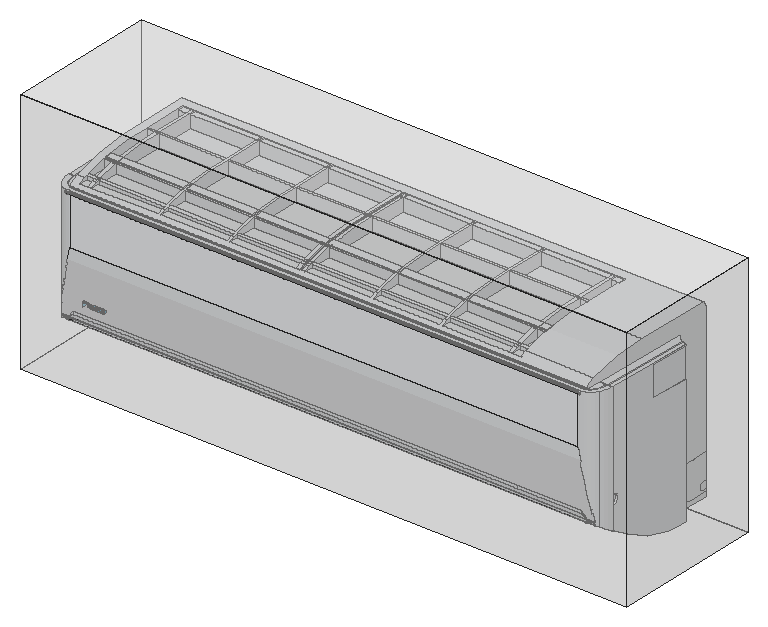
Revit family "outputfile", category 機械設備, Revit 2024
Family settings
  丸型コネクタ寸法 = 半径を使用
  パーツ タイプ = 標準
  OmniClass 番号 = 23.75.10.24.21.27.27
  OmniClass タイトル = Split System Air Conditioning Units
  作業面ベース = いいえ
  常に垂直 = はい
  ロード時にボイドで切り取り = いいえ
  注釈の向きを維持 = いいえ
  共有 = いいえ
  部屋計算ポイント = いいえ
Parameters (values of type "FXAQ50ARVM")
  書き出し IFC クラス(タイプ) = "IfcUnitaryEquipmentType"
  定義済み IFC タイプ(タイプ) = "AIRCONDITIONINGUNIT"
  switch_frequency = yes
  lh_powersupply = 55.0 mm  # constant formula
  製造元 = "Daikin"
  モデル = "FXAQ50ARVM"
  lh_drainpipe = 35.0 mm  # constant formula
  lh_liquidpipe = 40.0 mm  # constant formula
  lh_gaspipe = 20.0 mm  # constant formula
  r_Liquid Pipe Size = Liquid Pipe Size / 2  # 3.2 mm
  r_Gas Pipe Size = Gas Pipe Size / 2  # 6.35 mm
  r_Drain Pipe Size = Drain Pipe Size / 2  # 9.0 mm
  lw_powersupply [instance] = if(or(Left Connection_refrigerant, Right Connection_refrigerant), 464.5 mm, if(or(Bottom Left Connection_refrigerant, Rear Left Connection_refrigerant), 843.0 mm, 58.0 mm))  # 464.5 mm
  lw_liquidpipe [instance] = if(or(Left Connection_refrigerant, Right Connection_refrigerant), 490.0 mm, if(or(Bottom Left Connection_refrigerant, Rear Left Connection_refrigerant), 843.0 mm, 58.0 mm))  # 490.0 mm
  lw_gaspipe [instance] = if(or(Left Connection_refrigerant, Right Connection_refrigerant), 440.0 mm, if(or(Bottom Left Connection_refrigerant, Rear Left Connection_refrigerant), 858.0 mm, 73.0 mm))  # 440.0 mm
  lw_drainpipe [instance] = if(or(Left Connection_refrigerant, Right Connection_refrigerant), 570.0 mm, if(or(Bottom Left Connection_refrigerant, Rear Left Connection_refrigerant), 873.0 mm, 88.0 mm))  # 570.0 mm
  l_powersupply_length [instance] = if(Right Connection_refrigerant, 442.2 mm, if(Left Connection_refrigerant, 442.2 mm, if(or(Rear Left Connection_refrigerant, Rear Right Connection_refrigerant), 15.0 mm, 55.0 mm)))  # 442.2 mm
  l_liquidpipe_length [instance] = if(Left Connection_refrigerant, 416.4 mm, if(Right Connection_refrigerant, 467.4 mm, if(or(Bottom Left Connection_refrigerant, Bottom Right Connection_refrigerant), 40.0 mm, 35.0 mm)))  # 467.4 mm
  l_gaspipe_length [instance] = if(Left Connection_refrigerant, 466.4 mm, if(Right Connection_refrigerant, 417.4 mm, if(or(Bottom Left Connection_refrigerant, Bottom Right Connection_refrigerant), 20.0 mm, 35.0 mm)))  # 417.4 mm
  l_drainpipe_length [instance] = if(Left Connection_refrigerant, 336.7 mm, if(Right Connection_refrigerant, 547.7 mm, if(or(Bottom Left Connection_refrigerant, Bottom Right Connection_refrigerant), 30.0 mm, 15.0 mm)))  # 547.7 mm
  h*** = 0.0 mm  # constant formula
  connector_voltage = Voltage_50Hz  # 220 V
  connector_powerinput = if([Power Input (Cooling)] > [Power Input (Heating)], [Power Input (Cooling)], [Power Input (Heating)])  # 0.032 kW
  connector_phase = Phase_50Hz  # 1
  angle_vertical [instance] = if(or(Bottom Left Connection_refrigerant, Bottom Right Connection_refrigerant), 0.00°, 90.00°)  # 90.00°
  angle_horizontal [instance] = if(Right Connection_refrigerant, 90.00°, if(Left Connection_refrigerant, -90.00°, if(or(Rear Left Connection_refrigerant, Rear Right Connection_refrigerant), 180.00°, 0.00°)))  # 90.00°
  Width = 929.0 mm
  Voltage_comment_60Hz = "220-240"
  Voltage_comment_50Hz = "220-240"
  Voltage_60Hz = 220 V
  Voltage_50Hz = 220 V
  Version = "ver.1.0"
  Unit Type = "Wall Mounted"
  Unit Mass Weight = 13.00 kg
  Unit Designation [instance] = ""
  Uniclass2015Version = "Products v1.30"
  Uniclass2015Title = "Variable refrigerant flow units"
  Uniclass2015Code = "Pr_70_65_03_94"
  Total Heating Capacity [instance] = 0.000 kW
  Total Cooling Capacity [instance] = 0.000 kW
  Sound Pressure Level_L speed (dBA) = 37
  Sound Pressure Level_H speed (dBA) = 42
  Sound Power Level_H speed (dB) = 0
  Series = "VRV Fan Coil Unit"
  Sensible Cooling Capacity [instance] = 0.000 kW
  Refrigerant Type = "R410A"
  Power Input (Heating) = 0.032 kW
  Power Input (Cooling) = 0.027 kW
  Phase_60Hz = 1
  Phase_50Hz = 1
  Option Accessory 3 [instance] = ""
  Option Accessory 2 [instance] = ""
  Option Accessory 1 [instance] = ""
  Nominal Heating Capacity = 6.300 kW
  Nominal Cooling Capacity = 5.600 kW
  Minimum Circuit Amps_60Hz = 0.5 A
  Minimum Circuit Amps_50Hz = 0.5 A
  Minimum Airflow = 720.00 m³/h
  Maximum Fuse Amps_60Hz = 15.0 A
  Maximum Fuse Amps_50Hz = 15.0 A
  Maximum Airflow = 900.00 m³/h
  Material_Casing = DAIKIN_FreshWhite_Casing_indoorunit
  Load Classification = HVAC
  Liquid Pipe Size = 6.4 mm
  Link_Nested Family [instance] = ""
  IfcVersion = ""
  IfcExportType = "AIRCONDITIONINGUNIT"
  IfcExportAs = "IfcUnitaryEquipmentType"
  Height = 298.0 mm
  Heating Entering Wet Bulb Temperature [instance] = 0.00 °C
  Heating Entering Dry Bulb Temperature [instance] = 0.00 °C
  Heating Ambient Wet Bulb Temperature [instance] = 0.00 °C
  Heating Ambient Dry Bulb Temperature [instance] = 0.00 °C
  Heat Exchanger Type = "Cross Fin Coil"
  Gas Pipe Size = 12.7 mm
  Frequency_60Hz = 60 Hz
  Frequency_50Hz = 50 Hz
  Fan Type = "Cross Flow Fan"
  Fan Drive = "Direct Drive"
  FCU Tag No. [instance] = ""
  Drain Pipe Size = 18.0 mm
  Design Supply Airflow [instance] = 0.00 m³/h
  Depth = 258.0 mm
  既定の高さ = 0.0 mm
  Cooling Entering Wet Bulb Temperature [instance] = 0.00 °C
  Cooling Entering Dry Bulb Temperature [instance] = 0.00 °C
  Cooling Ambient Wet Bulb Temperature [instance] = 0.00 °C
  Cooling Ambient Dry Bulb Temperature [instance] = 0.00 °C
  Clearance visibility [instance] = yes
  Clearance Top = 90.0 mm
  Clearance Right = 50.0 mm
  Clearance Rear = 0.0 mm
  Clearance Left = 50.0 mm
  Clearance Front = 0.0 mm
  Clearance Bottom = 30.0 mm
  Bottom Right Connection_refrigerant [instance] = no
  Bottom Left Connection_refrigerant [instance] = no
  Rear Right Connection_refrigerant [instance] = no
  Rear Left Connection_refrigerant [instance] = no
  Right Connection_refrigerant [instance] = yes
  Left Connection_refrigerant [instance] = no
Reference planes
  plane 1 "Back": y = 0
  plane 2: z = 0
  plane 3 "Center (Left/Right)": x = 0
  plane 4 "Center (Front/Back)": y = -119
  plane 5: y = -238
  plane 6 "Left": x = -464.5
  plane 7 "Right": x = 464.5
  plane 8 "Top": z = 0
  plane 9: x = -514.5
  plane 10: x = 514.5
  plane 11: z = 90
  plane 12 "ld_drainpipe": y = -15
  plane 13: z = -284.5
  plane 14: z = -269.5
  plane 15: z = -251
  plane 16 "Clearance Bottom": z = -328
  plane 17: x = -105.5
  plane 18: x = -25.5
  plane 19: x = 24.5
  plane 20: x = 0
  plane 21 "Height": z = -298
  plane 22 "Front": y = -258
  plane 23: y = -35
  plane 24: y = -258
  plane 25: y = 0
Dimensions and locks
  equal spacing: plane 6 "Left", plane 3 "Center (Left/Right)", plane 7 "Right"
  "Width": plane 6 "Left" to plane 7 "Right"
  locked: plane 12 "ld_drainpipe" to plane 1 "Back" at 15
  "Clearance Left": plane 9 to plane 6 "Left"
  "Clearance Right": plane 7 "Right" to plane 10
  "Height": plane 8 "Top" to plane 21 "Height"
  "Depth": plane 22 "Front" to plane 1 "Back"
  locked: plane 23 to plane 1 "Back" at 35
  "lw_powersupply": plane 20 to plane 7 "Right"
  "lw_liquidpipe": plane 18 to plane 7 "Right"
  "lw_drainpipe": plane 17 to plane 7 "Right"
  "lw_gaspipe": plane 19 to plane 7 "Right"
  "Clearance Front": plane 22 "Front" to plane 24
  "Clearance Rear": plane 25 to plane 1 "Back"
  "Clearance Bottom": plane 21 "Height" to plane 16 "Clearance Bottom"
  "Clearance Top": plane 11 to plane 8 "Top"
  aligned and locked: level to plane 2
  aligned and locked: plane 9 to nested 1
  aligned and locked: plane 10 to nested 1
  aligned and locked: plane 11 to nested 1
  aligned and locked: nested 5 to plane 12 "ld_drainpipe"
  aligned and locked: level to plane 8 "Top"
  aligned and locked: plane 16 "Clearance Bottom" to nested 1
  aligned and locked: plane 17 to nested 4
  aligned and locked: plane 18 to nested 3
  aligned and locked: plane 19 to nested 2
  aligned and locked: plane 20 to nested 5
  aligned and locked: nested 2 to plane 23
  aligned and locked: nested 4 to plane 12 "ld_drainpipe"
  aligned and locked: nested 3 to plane 23
  aligned and locked: plane 24 to nested 1
  aligned and locked: nested 1 to plane 25
  aligned and locked: plane 1 "Back" to nested 6
  aligned and locked: plane 3 "Center (Left/Right)" to nested 6
Nested families
  nested 1: "daikin_clearancespace" at (0, -129, -118.881), show <- "Clearance visibility", visible <- "Clearance visibility", Link_Nested Family <- "Link_Nested Family", type "daikin_clearancespace"
    with width 1029.0 mm, show yes, height 418.0 mm, depth 258.0 mm, Link_Nested Family ""
  nested 2: "daikin_connector_rotate3" at (24.5, -35, -278), angle_vertical <- "angle_vertical", angle_horizontal <- "angle_horizontal", length <- "l_gaspipe_length", radius <- "r_Gas Pipe Size", built-in parameter 1001364 <- "lh_gaspipe", type "daikin_connector_rotate3"
    with show no, radius 6.35 mm, length 417.4 mm, angle_vertical 90.00°, angle_horizontal 90.00°
  nested 3: "daikin_connector_rotate3" at (-25.5, -35, -258), angle_vertical <- "angle_vertical", angle_horizontal <- "angle_horizontal", radius <- "r_Liquid Pipe Size", length <- "l_liquidpipe_length", built-in parameter 1001364 <- "lh_liquidpipe", type "daikin_connector_rotate3"
    with show no, radius 3.2 mm, length 467.4 mm, angle_vertical 90.00°, angle_horizontal 90.00°
  nested 4: "daikin_connector_rotate3" at (-105.5, -15, -263), angle_vertical <- "angle_vertical", angle_horizontal <- "angle_horizontal", length <- "l_drainpipe_length", radius <- "r_Drain Pipe Size", built-in parameter 1001364 <- "lh_drainpipe", type "daikin_connector_rotate3"
    with show no, radius 9.0 mm, length 547.7 mm, angle_vertical 90.00°, angle_horizontal 90.00°
  nested 5: "daikin_connector_rotate3" at (0, -15, -243), angle_vertical <- "angle_vertical", angle_horizontal <- "angle_horizontal", length <- "l_powersupply_length", built-in parameter 1001364 <- "lh_powersupply", type "daikin_connector_rotate3"
    with show no, radius 10.0 mm, length 442.2 mm, angle_vertical 90.00°, angle_horizontal 90.00°
  nested 6: "FXAQ-ARVM" at (0, 0, 0), type "FXAQ-ARVM"
Connectors
  electrical at (442.2, -15, -243), driven by "Load Classification", driven by "connector_voltage", driven by "connector_powerinput", driven by "connector_phase"
    settings: on nested 5, index 1, voltage 220 V, apparent load 32 VA, apparent load phase1 0 VA, apparent load phase2 0 VA, apparent load phase3 0 VA, power factor 1, load classification "HVAC", number of poles 1, system type 30, power factor state 1, is connector primary yes, connector utility no, sub classification motor no, connector description "Power Supply"
  piping at (442.2, -15, -263), diameter 18, driven by "r_Drain Pipe Size"
    settings: on nested 4, index 2, connector inside diameter 609.6 mm, connector length 0.0 mm, flow factor 0, pipe flow 0.00 m³/h, pressure drop 0.0 Pa, fitting loss kfactor 0, connector angle 0.00°, fixture units 0, engagement length 0.0 mm, angle of deflection 0.00°, flow configuration 1, flow direction 2, fitting loss method 4, system type 16, joint type 0, gender type 0, connector reference index -1, connector utility 0, adjustable connector no, is connector primary yes, connector description "Condensate Drain Piping"
  piping at (441.9, -35, -278), diameter 12.7, driven by "r_Gas Pipe Size"
    settings: on nested 2, index 3, connector inside diameter 609.6 mm, connector length 0.0 mm, flow factor 0, pipe flow 0.00 m³/h, pressure drop 0.0 Pa, fitting loss kfactor 0, connector angle 0.00°, fixture units 0, engagement length 0.0 mm, angle of deflection 0.00°, flow configuration 1, flow direction 2, fitting loss method 0, system type 29, joint type 0, gender type 0, connector reference index -1, connector utility 0, adjustable connector no, is connector primary no, connector description "Refrigerant Gas Piping"
  piping at (441.9, -35, -258), diameter 6.4, driven by "r_Liquid Pipe Size"
    settings: on nested 3, index 4, connector inside diameter 609.6 mm, connector length 0.0 mm, flow factor 0, pipe flow 0.00 m³/h, pressure drop 0.0 Pa, fitting loss kfactor 0, connector angle 0.00°, fixture units 0, engagement length 0.0 mm, angle of deflection 0.00°, flow configuration 1, flow direction 1, fitting loss method 0, system type 29, joint type 0, gender type 0, connector reference index -1, connector utility 0, adjustable connector no, is connector primary no, connector description "Refrigerant Liquid Piping"
Definition of nested family "daikin_clearancespace"
  Parameters (values of type "daikin_clearancespace")
    Description = "daikin_clearancespace"
    width [instance] = 1823.963 mm
    show [instance] = yes
    material = none
    height [instance] = 1359.762 mm
    depth [instance] = 880.0 mm
    Default Elevation = 0.0 mm
    Link_Nested Family [instance] = ""
  Reference planes
    plane 1 "Center (Front/Back)": y = 0
    plane 2 "Center (Elevation)": z = -0.119
    plane 3 "Center (Left/Right)": x = 0
    plane 4: y = 440
    plane 5: y = -440
    plane 6 "Right": x = 911.982
    plane 7 "Left": x = -911.982
    plane 8 "Top": z = 679.762
    plane 9 "Bottom": z = -680
  Forms (mm)
    Extrusion 1, solid, material <- "material", visible <- "show"
      sketch origin (0, 0, 0) x (1, 0, 0) y (0, 1, 0)
        loop
          line (-911.982, 440) -> (-911.982, -440) -> (911.982, -440) -> (911.982, 440) -> (-911.982, 440)
      from -680 to 679.762
  Lines and regions (mm)
    symbolic lines, visible <- "show"
      curve 1: line (911.982, 440, 0) -> (-911.982, 440, 0)
      curve 2: line (-911.982, 440, 0) -> (-911.982, -440, 0)
      curve 3: line (-911.982, -440, 0) -> (911.982, -440, 0)
      curve 4: line (911.982, -440, 0) -> (911.982, 440, 0)
      curve 5: line (911.982, 0, 679.762) -> (-911.982, 0, 679.762)
      curve 6: line (911.982, 0, -680) -> (911.982, 0, 679.762)
      curve 7: line (-911.982, 0, -680) -> (911.982, 0, -680)
      curve 8: line (-911.982, 0, 679.762) -> (-911.982, 0, -680)
      curve 9: line (0, 440, 679.762) -> (0, -440, 679.762)
      curve 10: line (0, -440, 679.762) -> (0, -440, -680)
      curve 11: line (0, 440, -680) -> (0, 440, 679.762)
      curve 12: line (0, -440, -680) -> (0, 440, -680)
  Dimensions and locks
    "width": plane 7 "Left" to plane 6 "Right"
    "depth": plane 4 to plane 5
    "height": plane 8 "Top" to plane 9 "Bottom"
    equal spacing: plane 7 "Left", plane 3 "Center (Left/Right)", plane 6 "Right"
    equal spacing: plane 4, plane 1 "Center (Front/Back)", plane 5
    equal spacing: plane 8 "Top", plane 2 "Center (Elevation)", plane 9 "Bottom"
    aligned and locked: level to plane 2 "Center (Elevation)"
    aligned and locked: Extrusion 1 sketch curve to plane 4
    aligned and locked: plane 7 "Left" to Extrusion 1 sketch curve
    aligned and locked: Extrusion 1 sketch curve to plane 5
    aligned and locked: Extrusion 1 sketch curve to plane 6 "Right"
    aligned and locked: plane 8 "Top" to Extrusion 1
    aligned and locked: curve 1 to Extrusion 1
    aligned and locked: curve 2 to Extrusion 1
    aligned and locked: curve 3 to Extrusion 1
    aligned and locked: curve 4 to Extrusion 1
    aligned and locked: curve 5 to Extrusion 1
    aligned and locked: curve 6 to Extrusion 1
    aligned and locked: curve 7 to Extrusion 1
    aligned and locked: curve 8 to Extrusion 1
    aligned and locked: curve 9 to Extrusion 1
    aligned and locked: curve 10 to Extrusion 1
    aligned and locked: curve 11 to Extrusion 1
    aligned and locked: curve 12 to Extrusion 1
    aligned and locked: Extrusion 1 to plane 9 "Bottom"
Definition of nested family "FXAQ-ARVM"
  Parameters (values of type "FXAQ-ARVM")
    Width = 929.0 mm
    Material_Casing = none
    Default Elevation = 0.0 mm
  Reference planes
    plane 1 "Center (Front/Back)": y = 0
    plane 2 "reference_level": z = 0
    plane 3 "Center (Left/Right)": x = 0
  Forms (mm)
    Extrusion 1, solid, material <- "Material_Casing"
      sketch origin (37.5, 0, 0) x (1, 0, 0) y (0, 0, 1)
        loop
          circle (357, -249) r 40
        loop
          circle (-428, -250) r 40
      from 0 to 5
    Extrusion 2, solid, material <- "Material_Casing"
      sketch origin (-525, 1296.25, 1200) x (0, 1, 0) y (0, 0, 1)
        loop
          line (-1542.822, -1430.612) -> (-1517.25, -1446.105) -> (-1517.25, -1228.309)
          arc (-1517.25, -1228.309) -> (-1517.546, -1227.599) -> (-1518.259, -1227.309) r 1
          line (-1518.259, -1227.309) -> (-1553.177, -1227.614)
          arc (-1553.177, -1227.614) -> (-1553.593, -1227.787) -> (-1553.771, -1228.201) r 0.6
          line (-1553.771, -1228.201) -> (-1553.814, -1230.3) -> (-1552.816, -1230.309) -> (-1552.852, -1232.291) -> (-1554.25, -1232.303) -> (-1554.25, -1313.777)
          arc (-1554.25, -1313.777) -> (-1551.733, -1369.498) -> (-1544.203, -1424.766) r 618.013
          line (-1544.203, -1424.766) -> (-1543.119, -1425.138) -> (-1542.798, -1426.992) -> (-1543.814, -1426.992) -> (-1543.288, -1429.932)
          arc (-1543.288, -1429.932) -> (-1543.128, -1430.322) -> (-1542.822, -1430.612) r 1
      from 60.5 to 989.5
    Extrusion 3, void
      sketch origin (-525, 1296.25, 1200) x (0, 1, 0) y (0, 0, 1)
        loop
          arc (-1489.957, -1468.485) -> (-1468.343, -1480.342) -> (-1445.644, -1489.96) r 244.307
          arc (-1445.644, -1489.96) -> (-1423.667, -1496.837) -> (-1401.141, -1501.621) r 244.995
          arc (-1401.141, -1501.621) -> (-1397.468, -1502.156) -> (-1393.777, -1502.56) r 104.996
          line (-1393.777, -1502.56) -> (-1391.536, -1481.238)
          arc (-1391.536, -1481.238) -> (-1392.885, -1481.047) -> (-1394.231, -1480.837) r 94.996
          arc (-1394.231, -1480.837) -> (-1415.837, -1476.248) -> (-1436.917, -1469.651) r 234.995
          arc (-1436.917, -1469.651) -> (-1458.423, -1460.555) -> (-1478.917, -1449.363) r 234.307
          line (-1478.917, -1449.363) -> (-1489.957, -1468.485)
      from 129 to 821
    Extrusion 4, void
      sketch origin (-610.615, -1524, -240) x (-1, 0, 0) y (0, -1, 0)
        loop
          line (-317.415, -1501.5) -> (-184.115, -1501.5) -> (-184.115, -1427.5) -> (-317.415, -1427.5) -> (-317.415, -1501.5)
        loop
          line (-434.415, -1501.5) -> (-321.415, -1501.5) -> (-321.415, -1427.5) -> (-434.415, -1427.5) -> (-434.415, -1501.5)
        loop
          line (-557.415, -1501.5) -> (-438.415, -1501.5) -> (-438.415, -1427.5) -> (-557.415, -1427.5) -> (-557.415, -1501.5)
        loop
          line (-678.815, -1501.5) -> (-559.815, -1501.5) -> (-559.815, -1427.5) -> (-678.815, -1427.5) -> (-678.815, -1501.5)
        loop
          line (-795.815, -1501.5) -> (-682.815, -1501.5) -> (-682.815, -1427.5) -> (-795.815, -1427.5) -> (-795.815, -1501.5)
        loop
          line (-933.115, -1501.5) -> (-799.815, -1501.5) -> (-799.815, -1427.5) -> (-933.115, -1427.5) -> (-933.115, -1501.5)
        loop
          line (-317.415, -1423.5) -> (-184.115, -1423.5) -> (-184.115, -1336.5) -> (-317.415, -1336.5) -> (-317.415, -1423.5)
        loop
          line (-434.415, -1423.5) -> (-321.415, -1423.5) -> (-321.415, -1336.5) -> (-434.415, -1336.5) -> (-434.415, -1423.5)
        loop
          line (-557.415, -1423.5) -> (-438.415, -1423.5) -> (-438.415, -1336.5) -> (-557.415, -1336.5) -> (-557.415, -1423.5)
        loop
          line (-678.815, -1423.5) -> (-559.815, -1423.5) -> (-559.815, -1336.5) -> (-678.815, -1336.5) -> (-678.815, -1423.5)
        loop
          line (-795.815, -1423.5) -> (-682.815, -1423.5) -> (-682.815, -1336.5) -> (-795.815, -1336.5) -> (-795.815, -1423.5)
        loop
          line (-933.115, -1423.5) -> (-799.815, -1423.5) -> (-799.815, -1336.5) -> (-933.115, -1336.5) -> (-933.115, -1423.5)
        loop
          line (-317.415, -1332.5) -> (-184.115, -1332.5) -> (-184.115, -1300.5) -> (-317.415, -1300.5) -> (-317.415, -1332.5)
        loop
          line (-434.415, -1332.5) -> (-321.415, -1332.5) -> (-321.415, -1300.5) -> (-434.415, -1300.5) -> (-434.415, -1332.5)
        loop
          line (-557.415, -1332.5) -> (-438.415, -1332.5) -> (-438.415, -1300.5) -> (-557.415, -1300.5) -> (-557.415, -1332.5)
        loop
          line (-678.815, -1332.5) -> (-559.815, -1332.5) -> (-559.815, -1300.5) -> (-678.815, -1300.5) -> (-678.815, -1332.5)
        loop
          line (-795.815, -1332.5) -> (-682.815, -1332.5) -> (-682.815, -1300.5) -> (-795.815, -1300.5) -> (-795.815, -1332.5)
        loop
          line (-933.115, -1332.5) -> (-799.815, -1332.5) -> (-799.815, -1300.5) -> (-933.115, -1300.5) -> (-933.115, -1332.5)
        loop
          line (-317.415, -1296.5) -> (-184.115, -1296.5) -> (-184.115, -1273.985) -> (-317.415, -1273.985) -> (-317.415, -1296.5)
        loop
          line (-434.415, -1296.5) -> (-321.415, -1296.5) -> (-321.415, -1273.985) -> (-434.415, -1273.985) -> (-434.415, -1296.5)
        loop
          line (-557.415, -1296.5) -> (-438.415, -1296.5) -> (-438.415, -1273.985) -> (-557.415, -1273.985) -> (-557.415, -1296.5)
        loop
          line (-678.815, -1296.5) -> (-559.815, -1296.5) -> (-559.815, -1273.985) -> (-678.815, -1273.985) -> (-678.815, -1296.5)
        loop
          line (-795.815, -1296.5) -> (-682.815, -1296.5) -> (-682.815, -1273.985) -> (-795.815, -1273.985) -> (-795.815, -1296.5)
        loop
          line (-933.115, -1296.5) -> (-799.815, -1296.5) -> (-799.815, -1273.985) -> (-933.115, -1273.985) -> (-933.115, -1296.5)
      from 218.718 to 250
    Extrusion 5, solid, material <- "Material_Casing"
      sketch origin (31, 0, 0) x (0, 1, 0) y (0, 0, 1)
        loop
          arc (-133, 0) -> (-183.089, -4.257) -> (-231.74, -16.907) r 296.792
          arc (-231.74, -16.907) -> (-240.035, -20.716) -> (-247.498, -25.97) r 50
          line (-247.498, -25.97) -> (-247.498, -27.531) -> (-221, -27.3) -> (-221, -28.237) -> (-220, -28.237) -> (-220, -245.585)
          arc (-220, -245.585) -> (-219.743, -246.566) -> (-219.036, -247.295) r 2
          line (-219.036, -247.295) -> (-215.453, -249.466) -> (-189.599, -265.136)
          arc (-189.599, -265.136) -> (-169.128, -276.22) -> (-147.677, -285.263) r 239.307
          arc (-147.677, -285.263) -> (-126.149, -292) -> (-104.083, -296.687) r 239.995
          arc (-104.083, -296.687) -> (-96.033, -297.671) -> (-87.93, -298) r 99.996
          line (-87.93, -298) -> (0, -298) -> (0, -8.5) -> (-5, 0) -> (-133, 0)
      from -495.5 to 433.5
    Extrusion 6, void
      sketch origin (0, 0, 0) x (1, 0, 0) y (0, 1, 0)
        loop
          arc (-464.5, -69.996) -> (-451.865, -64.288) -> (-441.567, -55.003) r 45.003
          line (-441.567, -55.003) -> (-442.5, 0) -> (-464.5, 0) -> (-464.5, -69.996)
        loop
          line (464.5, -69.996) -> (464.5, 0) -> (442.5, 0) -> (441.567, -55.003)
          arc (441.567, -55.003) -> (451.865, -64.288) -> (464.5, -69.996) r 45.003
      from -350.147 to 42.558
    Extrusion 7, solid, material <- "Material_Casing"
      sketch origin (464.482, 1296.064, 1192) x (-0.016958, -0.999856, 0) y (0, 0, 1)
        loop
          line (1326.25, -1422) -> (1296.25, -1422) -> (1296.25, -1465) -> (1302.753, -1465)
          spline (1302.753, -1465) -> (1304.435, -1465.221) -> (1306.003, -1465.871) -> (1307.349, -1466.904) -> (1308.382, -1468.25) -> (1309.031, -1469.818) -> (1309.252, -1471.5) -> (1309.031, -1473.182) -> (1308.382, -1474.75) -> (1307.349, -1476.096) -> (1306.003, -1477.129) -> (1304.435, -1477.779) -> (1302.753, -1478)
          line (1302.753, -1478) -> (1296.25, -1478) -> (1296.25, -1482) -> (1326.25, -1482)
          arc (1326.25, -1482) -> (1340.393, -1476.142) -> (1346.25, -1462) r 20
          line (1346.25, -1462) -> (1346.25, -1442)
          arc (1346.25, -1442) -> (1340.393, -1427.858) -> (1326.25, -1422) r 20
      from 0 to 5
    Extrusion 8, solid, material <- "Material_Casing"
      sketch origin (-464.482, 1296.064, 1192) x (-0.016958, 0.999856, 0) y (0, 0, 1)
        loop
          line (-1296.25, -1422) -> (-1326.25, -1422)
          arc (-1326.25, -1422) -> (-1340.393, -1427.858) -> (-1346.25, -1442) r 20
          line (-1346.25, -1442) -> (-1346.25, -1462)
          arc (-1346.25, -1462) -> (-1340.393, -1476.142) -> (-1326.25, -1482) r 20
          line (-1326.25, -1482) -> (-1296.25, -1482) -> (-1296.25, -1478) -> (-1302.753, -1478)
          spline (-1302.753, -1478) -> (-1304.435, -1477.779) -> (-1306.003, -1477.129) -> (-1307.349, -1476.096) -> (-1308.382, -1474.75) -> (-1309.031, -1473.182) -> (-1309.252, -1471.5) -> (-1309.031, -1469.818) -> (-1308.382, -1468.25) -> (-1307.349, -1466.904) -> (-1306.003, -1465.871) -> (-1304.435, -1465.221) -> (-1302.753, -1465)
          line (-1302.753, -1465) -> (-1296.25, -1465) -> (-1296.25, -1422)
      from 0 to 5
    Extrusion 9, void
      sketch origin (0, 0, 0) x (1, 0, 0) y (0, 1, 0)
        loop
          arc (451.583, -220.532) -> (450.652, -229.688) -> (447.774, -238.43) r 42.574
          arc (447.774, -238.43) -> (440.881, -246.096) -> (430.995, -249.015) r 18.939
          line (430.995, -249.015) -> (322.5, -249.015) -> (-430.995, -249.015)
          arc (-430.995, -249.015) -> (-440.881, -246.096) -> (-447.774, -238.43) r 18.939
          arc (-447.774, -238.43) -> (-450.652, -229.688) -> (-451.583, -220.532) r 42.574
          line (-451.583, -220.532) -> (-455.638, -65.672)
          arc (-455.638, -65.672) -> (-456.13, -65.926) -> (-456.626, -66.174) r 45.003
          line (-456.626, -66.174) -> (-452.526, -222.254)
          arc (-452.526, -222.254) -> (-451.441, -230.753) -> (-448.676, -238.863) r 42.58
          arc (-448.676, -238.863) -> (-441.392, -246.902) -> (-431, -250.015) r 20.209
          line (-431, -250.015) -> (431, -250.015)
          arc (431, -250.015) -> (441.392, -246.902) -> (448.676, -238.863) r 20.209
          arc (448.676, -238.863) -> (451.441, -230.753) -> (452.539, -222.254) r 42.58
          line (452.539, -222.254) -> (456.626, -66.151)
          arc (456.626, -66.151) -> (456.131, -65.903) -> (455.639, -65.649) r 45.003
          line (455.639, -65.649) -> (451.583, -220.532)
      from -514.227 to 32.749
    Extrusion 10, void
      sketch origin (0, 0, 0) x (1, 0, 0) y (0, 1, 0)
        loop
          arc (-430.764, -258.014) -> (-445.174, -254.026) -> (-455.485, -243.197) r 28.031
          arc (-455.485, -243.197) -> (-459.127, -232.113) -> (-460.561, -220.535) r 60.175
          line (-460.561, -220.535) -> (-464.5, -69.996) -> (-499.5, -69.996) -> (-499.5, -354.996) -> (499.5, -354.996) -> (499.5, -69.996) -> (464.5, -69.996) -> (460.598, -220.541)
          arc (460.598, -220.541) -> (459.601, -231.543) -> (456.08, -242.014) r 47.329
          arc (456.08, -242.014) -> (445.774, -253.677) -> (430.826, -258.014) r 27.93
          line (430.826, -258.014) -> (-430.764, -258.014)
      from -1033.399 to 0
    Extrusion 11, void
      sketch origin (0, 0, 0) x (1, 0, 0) y (0, 1, 0)
        loop
          arc (-455.485, -243.197) -> (-459.291, -232.263) -> (-460.562, -220.754) r 51.556
          line (-460.562, -220.754) -> (-492.49, -141.73) -> (-492.49, -316.73) -> (492.49, -316.73) -> (492.49, -141.73) -> (460.599, -220.663)
          arc (460.599, -220.663) -> (459.482, -231.58) -> (456.08, -242.014) r 51.576
          arc (456.08, -242.014) -> (445.844, -253.621) -> (431, -258) r 27.939
          line (431, -258) -> (-431, -258)
          arc (-431, -258) -> (-445.281, -253.971) -> (-455.485, -243.197) r 27.939
      from -354.312 to 0
    Extrusion 12, void
      sketch origin (0, 0, 0) x (1, 0, 0) y (0, 1, 0)
        loop
          line (435.004, -431) -> (510.5, -431) -> (510.5, 78.522) -> (443.898, 78.522) -> (435.004, -431)
      from -28.941 to 250
    Extrusion 13, void
      sketch origin (0, 0, 0) x (1, 0, 0) y (0, 1, 0)
        loop
          line (-438.024, -258) -> (-442.527, 0) -> (-469.5, 0) -> (-469.5, -258) -> (-438.024, -258)
      from -27.788 to 250
    Extrusion 14, solid, material <- "Material_Casing"
      sketch origin (31, 0, 0) x (0, 1, 0) y (0, 0, 1)
        loop
          arc (-175.5, -3.059) -> (-181.51, -3.991) -> (-187.5, -5.047) r 296.792
          line (-187.5, -5.047) -> (-187.5, -28.237) -> (-175.5, -28.237) -> (-175.5, -3.059)
        loop
          line (-33.5, 0) -> (-33.5, -28.237) -> (-22.5, -28.237) -> (-22.5, 0) -> (-33.5, 0)
      from -457.5 to -324.2
    Extrusion 15, solid, material <- "Material_Casing"
      sketch origin (384, 0, 0) x (0, 1, 0) y (0, 0, 1)
        loop
          arc (-175.5, -3.059) -> (-181.51, -3.991) -> (-187.5, -5.047) r 296.792
          line (-187.5, -5.047) -> (-187.5, -28.237) -> (-175.5, -28.237) -> (-175.5, -3.059)
        loop
          line (-33.5, 0) -> (-33.5, -28.237) -> (-22.5, -28.237) -> (-22.5, 0) -> (-33.5, 0)
      from -556.2 to -437.2
    Extrusion 16, solid, material <- "Material_Casing"
      sketch origin (392.4, 0, 0) x (0, 1, 0) y (0, 0, 1)
        loop
          arc (-175.5, -3.059) -> (-181.51, -3.991) -> (-187.5, -5.047) r 296.792
          line (-187.5, -5.047) -> (-187.5, -28.237) -> (-175.5, -28.237) -> (-175.5, -3.059)
        loop
          line (-33.5, 0) -> (-33.5, -28.237) -> (-22.5, -28.237) -> (-22.5, 0) -> (-33.5, 0)
      from -443.2 to -324.2
    Extrusion 17, solid, material <- "Material_Casing"
      sketch origin (745.4, 0, 0) x (0, 1, 0) y (0, 0, 1)
        loop
          arc (-175.5, -3.059) -> (-181.51, -3.991) -> (-187.5, -5.047) r 296.792
          line (-187.5, -5.047) -> (-187.5, -28.237) -> (-175.5, -28.237) -> (-175.5, -3.059)
        loop
          line (-33.5, 0) -> (-33.5, -28.237) -> (-22.5, -28.237) -> (-22.5, 0) -> (-33.5, 0)
      from -556.2 to -422.9
    Extrusion 18, solid, material <- "Material_Casing"
      sketch origin (628.4, 0, 0) x (0, 1, 0) y (0, 0, 1)
        loop
          arc (-175.5, -3.059) -> (-181.51, -3.991) -> (-187.5, -5.047) r 296.792
          line (-187.5, -5.047) -> (-187.5, -28.237) -> (-175.5, -28.237) -> (-175.5, -3.059)
        loop
          line (-33.5, 0) -> (-33.5, -28.237) -> (-22.5, -28.237) -> (-22.5, 0) -> (-33.5, 0)
      from -556.2 to -443.2
    Extrusion 19, solid, material <- "Material_Casing"
      sketch origin (267, 0, 0) x (0, 1, 0) y (0, 0, 1)
        loop
          arc (-175.5, -3.059) -> (-181.51, -3.991) -> (-187.5, -5.047) r 296.792
          line (-187.5, -5.047) -> (-187.5, -28.237) -> (-175.5, -28.237) -> (-175.5, -3.059)
        loop
          line (-33.5, 0) -> (-33.5, -28.237) -> (-22.5, -28.237) -> (-22.5, 0) -> (-33.5, 0)
      from -556.2 to -443.2
    Extrusion 20, solid, material <- "Material_Casing"
      sketch origin (31, 0, 0) x (0, 1, 0) y (0, 0, 1)
        loop
          line (-22.5, 0) -> (-96.5, 0) -> (-96.5, -27.3) -> (-22.5, -27.3) -> (-22.5, 0)
        loop
          spline (-133.001, 0) -> (-137.568, -0.035) -> (-142.135, -0.141) -> (-146.699, -0.316) -> (-151.259, -0.562) -> (-155.816, -0.878) -> (-160.367, -1.264) -> (-164.912, -1.721) -> (-169.449, -2.247) -> (-173.977, -2.842) -> (-178.496, -3.508) -> (-183.004, -4.243) -> (-187.5, -5.047)
          line (-187.5, -5.047) -> (-187.5, -27.3) -> (-100.5, -27.3) -> (-100.5, 0) -> (-133.001, 0)
        loop
          line (-223.5, -14.134) -> (-223.5, -27.3) -> (-191.5, -27.3) -> (-191.5, -5.822)
          spline (-191.5, -5.822) -> (-194.2, -6.378) -> (-196.895, -6.959) -> (-199.584, -7.565) -> (-202.267, -8.196) -> (-204.945, -8.852) -> (-207.616, -9.532) -> (-210.281, -10.238) -> (-212.939, -10.968) -> (-215.59, -11.723) -> (-218.234, -12.502) -> (-220.871, -13.306) -> (-223.5, -14.134)
        loop
          spline (-227.5, -15.446) -> (-227.854, -15.565) -> (-228.208, -15.685) -> (-228.562, -15.805) -> (-228.916, -15.926) -> (-229.269, -16.047) -> (-229.623, -16.168) -> (-229.976, -16.29) -> (-230.329, -16.412) -> (-230.682, -16.535) -> (-231.035, -16.658) -> (-231.387, -16.782) -> (-231.74, -16.906)
          arc (-231.74, -16.906) -> (-236.479, -18.856) -> (-240.994, -21.282) r 50
          line (-240.994, -21.282) -> (-227.5, -21.282) -> (-227.5, -15.446)
      from -443.2 to -437.2
    Extrusion 21, solid, material <- "Material_Casing"
      sketch origin (384, 0, 0) x (0, 1, 0) y (0, 0, 1)
        loop
          line (-22.5, 0) -> (-96.5, 0) -> (-96.5, -27.3) -> (-22.5, -27.3) -> (-22.5, 0)
        loop
          spline (-133.001, 0) -> (-137.568, -0.035) -> (-142.135, -0.141) -> (-146.699, -0.316) -> (-151.259, -0.562) -> (-155.816, -0.878) -> (-160.367, -1.264) -> (-164.912, -1.721) -> (-169.449, -2.247) -> (-173.977, -2.842) -> (-178.496, -3.508) -> (-183.004, -4.243) -> (-187.5, -5.047)
          line (-187.5, -5.047) -> (-187.5, -27.3) -> (-100.5, -27.3) -> (-100.5, 0) -> (-133.001, 0)
        loop
          line (-223.5, -14.134) -> (-223.5, -27.3) -> (-191.5, -27.3) -> (-191.5, -5.822)
          spline (-191.5, -5.822) -> (-194.2, -6.378) -> (-196.895, -6.959) -> (-199.584, -7.565) -> (-202.267, -8.196) -> (-204.945, -8.852) -> (-207.616, -9.532) -> (-210.281, -10.238) -> (-212.939, -10.968) -> (-215.59, -11.723) -> (-218.234, -12.502) -> (-220.871, -13.306) -> (-223.5, -14.134)
        loop
          spline (-227.5, -15.446) -> (-227.854, -15.565) -> (-228.208, -15.685) -> (-228.562, -15.805) -> (-228.916, -15.926) -> (-229.269, -16.047) -> (-229.623, -16.168) -> (-229.976, -16.29) -> (-230.329, -16.412) -> (-230.682, -16.535) -> (-231.035, -16.658) -> (-231.387, -16.782) -> (-231.74, -16.906)
          arc (-231.74, -16.906) -> (-236.479, -18.856) -> (-240.994, -21.282) r 50
          line (-240.994, -21.282) -> (-227.5, -21.282) -> (-227.5, -15.446)
      from -443.2 to -437.2
    Extrusion 22, solid, material <- "Material_Casing"
      sketch origin (392.4, 0, 0) x (0, 1, 0) y (0, 0, 1)
        loop
          line (-22.5, 0) -> (-96.5, 0) -> (-96.5, -27.3) -> (-22.5, -27.3) -> (-22.5, 0)
        loop
          spline (-133.001, 0) -> (-137.568, -0.035) -> (-142.135, -0.141) -> (-146.699, -0.316) -> (-151.259, -0.562) -> (-155.816, -0.878) -> (-160.367, -1.264) -> (-164.912, -1.721) -> (-169.449, -2.247) -> (-173.977, -2.842) -> (-178.496, -3.508) -> (-183.004, -4.243) -> (-187.5, -5.047)
          line (-187.5, -5.047) -> (-187.5, -27.3) -> (-100.5, -27.3) -> (-100.5, 0) -> (-133.001, 0)
        loop
          line (-223.5, -14.134) -> (-223.5, -27.3) -> (-191.5, -27.3) -> (-191.5, -5.822)
          spline (-191.5, -5.822) -> (-194.2, -6.378) -> (-196.895, -6.959) -> (-199.584, -7.565) -> (-202.267, -8.196) -> (-204.945, -8.852) -> (-207.616, -9.532) -> (-210.281, -10.238) -> (-212.939, -10.968) -> (-215.59, -11.723) -> (-218.234, -12.502) -> (-220.871, -13.306) -> (-223.5, -14.134)
        loop
          spline (-227.5, -15.446) -> (-227.854, -15.565) -> (-228.208, -15.685) -> (-228.562, -15.805) -> (-228.916, -15.926) -> (-229.269, -16.047) -> (-229.623, -16.168) -> (-229.976, -16.29) -> (-230.329, -16.412) -> (-230.682, -16.535) -> (-231.035, -16.658) -> (-231.387, -16.782) -> (-231.74, -16.906)
          arc (-231.74, -16.906) -> (-236.479, -18.856) -> (-240.994, -21.282) r 50
          line (-240.994, -21.282) -> (-227.5, -21.282) -> (-227.5, -15.446)
      from -443.2 to -437.2
    Extrusion 23, solid, material <- "Material_Casing"
      sketch origin (745.4, 0, 0) x (0, 1, 0) y (0, 0, 1)
        loop
          line (-22.5, 0) -> (-96.5, 0) -> (-96.5, -27.3) -> (-22.5, -27.3) -> (-22.5, 0)
        loop
          spline (-133.001, 0) -> (-137.568, -0.035) -> (-142.135, -0.141) -> (-146.699, -0.316) -> (-151.259, -0.562) -> (-155.816, -0.878) -> (-160.367, -1.264) -> (-164.912, -1.721) -> (-169.449, -2.247) -> (-173.977, -2.842) -> (-178.496, -3.508) -> (-183.004, -4.243) -> (-187.5, -5.047)
          line (-187.5, -5.047) -> (-187.5, -27.3) -> (-100.5, -27.3) -> (-100.5, 0) -> (-133.001, 0)
        loop
          line (-223.5, -14.134) -> (-223.5, -27.3) -> (-191.5, -27.3) -> (-191.5, -5.822)
          spline (-191.5, -5.822) -> (-194.2, -6.378) -> (-196.895, -6.959) -> (-199.584, -7.565) -> (-202.267, -8.196) -> (-204.945, -8.852) -> (-207.616, -9.532) -> (-210.281, -10.238) -> (-212.939, -10.968) -> (-215.59, -11.723) -> (-218.234, -12.502) -> (-220.871, -13.306) -> (-223.5, -14.134)
        loop
          spline (-227.5, -15.446) -> (-227.854, -15.565) -> (-228.208, -15.685) -> (-228.562, -15.805) -> (-228.916, -15.926) -> (-229.269, -16.047) -> (-229.623, -16.168) -> (-229.976, -16.29) -> (-230.329, -16.412) -> (-230.682, -16.535) -> (-231.035, -16.658) -> (-231.387, -16.782) -> (-231.74, -16.906)
          arc (-231.74, -16.906) -> (-236.479, -18.856) -> (-240.994, -21.282) r 50
          line (-240.994, -21.282) -> (-227.5, -21.282) -> (-227.5, -15.446)
      from -443.2 to -437.2
    Extrusion 24, solid, material <- "Material_Casing"
      sketch origin (-525, 1301.456, 1185.983) x (0, 1, 0) y (0, 0, 1)
        loop
          line (-1490.365, -1448.375) -> (-1491.955, -1450.92)
          arc (-1491.955, -1450.92) -> (-1471.02, -1462.298) -> (-1449.069, -1471.566) r 242.307
          arc (-1449.069, -1471.566) -> (-1427.272, -1478.388) -> (-1404.93, -1483.133) r 242.995
          arc (-1404.93, -1483.133) -> (-1402.218, -1483.539) -> (-1399.497, -1483.874) r 102.996
          line (-1399.497, -1483.874) -> (-1399.183, -1480.89)
          arc (-1399.183, -1480.89) -> (-1401.819, -1480.566) -> (-1404.446, -1480.172) r 99.996
          arc (-1404.446, -1480.172) -> (-1426.511, -1475.486) -> (-1448.04, -1468.748) r 239.995
          arc (-1448.04, -1468.748) -> (-1469.704, -1459.603) -> (-1490.365, -1448.375) r 239.307
      from 135 to 817
    Extrusion 25, solid, material <- "Material_Casing"
      sketch origin (-525, 1301.456, 1185.983) x (0, 1, 0) y (0, 0, 1)
        loop
          line (-1490.365, -1448.375) -> (-1491.955, -1450.92)
          arc (-1491.955, -1450.92) -> (-1471.02, -1462.298) -> (-1449.069, -1471.566) r 242.307
          arc (-1449.069, -1471.566) -> (-1427.272, -1478.388) -> (-1404.93, -1483.133) r 242.995
          arc (-1404.93, -1483.133) -> (-1402.218, -1483.539) -> (-1399.497, -1483.874) r 102.996
          line (-1399.497, -1483.874) -> (-1399.183, -1480.89)
          arc (-1399.183, -1480.89) -> (-1401.819, -1480.566) -> (-1404.446, -1480.172) r 99.996
          arc (-1404.446, -1480.172) -> (-1426.511, -1475.486) -> (-1448.04, -1468.748) r 239.995
          arc (-1448.04, -1468.748) -> (-1469.704, -1459.603) -> (-1490.365, -1448.375) r 239.307
      from 129 to 133
    Extrusion 26, solid, material <- "Material_Casing"
      sketch origin (163, 1301.456, 1185.983) x (0, 1, 0) y (0, 0, 1)
        loop
          line (-1490.365, -1448.375) -> (-1491.955, -1450.92)
          arc (-1491.955, -1450.92) -> (-1471.02, -1462.298) -> (-1449.069, -1471.566) r 242.307
          arc (-1449.069, -1471.566) -> (-1427.272, -1478.388) -> (-1404.93, -1483.133) r 242.995
          arc (-1404.93, -1483.133) -> (-1402.218, -1483.539) -> (-1399.497, -1483.874) r 102.996
          line (-1399.497, -1483.874) -> (-1399.183, -1480.89)
          arc (-1399.183, -1480.89) -> (-1401.819, -1480.566) -> (-1404.446, -1480.172) r 99.996
          arc (-1404.446, -1480.172) -> (-1426.511, -1475.486) -> (-1448.04, -1468.748) r 239.995
          arc (-1448.04, -1468.748) -> (-1469.704, -1459.603) -> (-1490.365, -1448.375) r 239.307
      from 129 to 133
    Extrusion 27, void
      sketch origin (0, 0, 0) x (1, 0, 0) y (0, 1, 0)
        loop
          line (-442.5, 0) -> (442.5, 0) -> (442.5, 1.095) -> (-442.5, 1.095) -> (-442.5, 0)
      from -298 to 0
    Extrusion 28, void
      sketch origin (31, 0, 0) x (0, 1, 0) y (0, 0, 1)
        loop
          arc (-220, -211.038) -> (-209.824, -200.843) -> (-220, -190.648) r 10.195
          line (-220, -190.648) -> (-220, -211.038)
      from 425 to 433.5
    Extrusion 29, void
      sketch origin (-31, 0, 0) x (0, 1, 0) y (0, 0, -1)
        loop
          line (-220, 211.038) -> (-220, 190.648)
          arc (-220, 190.648) -> (-209.824, 200.843) -> (-220, 211.038) r 10.195
      from 425 to 433.5
    Extrusion 30, void
      sketch origin (31, 0, 0) x (0, 1, 0) y (0, 0, 1)
        loop
          line (-136.859, -29.798) -> (-136.859, -81.374) -> (-67.205, -81.374) -> (-67.205, -29.798) -> (-136.859, -29.798)
      from 431.5 to 433.5
    Extrusion 31, void
      sketch origin (163, 1301.519, 1186.578) x (0, 1, 0) y (0, 0, 1)
        loop
          line (-1399.559, -1484.469) -> (-1399.455, -1483.475)
          arc (-1399.455, -1483.475) -> (-1402.503, -1483.119) -> (-1405.54, -1482.669) r 99.996
          arc (-1405.54, -1482.669) -> (-1427.605, -1477.983) -> (-1449.134, -1471.246) r 239.995
          arc (-1449.134, -1471.246) -> (-1470.858, -1462.071) -> (-1491.573, -1450.803) r 239.307
          line (-1491.573, -1450.803) -> (-1492.103, -1451.651)
          arc (-1492.103, -1451.651) -> (-1471.297, -1462.97) -> (-1449.477, -1472.185) r 240.307
          arc (-1449.477, -1472.185) -> (-1427.859, -1478.95) -> (-1405.701, -1483.656) r 240.995
          arc (-1405.701, -1483.656) -> (-1402.636, -1484.11) -> (-1399.559, -1484.469) r 100.996
      from 134 to 232
    Extrusion 32, solid, material <- "Material_Casing"
      sketch origin (-536.115, -1524, -248) x (-1, 0, 0) y (0, -1, 0)
        loop
          line (-115.615, -1524) -> (-115.615, -1494)
          arc (-115.615, -1494) -> (-121.473, -1479.858) -> (-135.615, -1474) r 20
          line (-135.615, -1474) -> (-155.615, -1474)
          arc (-155.615, -1474) -> (-169.757, -1479.858) -> (-175.615, -1494) r 20
          line (-175.615, -1494) -> (-175.615, -1524) -> (-115.615, -1524)
      from -45 to -50
    Extrusion 33, solid, material <- "Material_Casing"
      sketch origin (-4079.827, 1903.48, -248) x (-1, 0, 0) y (0, -1, 0)
        loop
          line (-4444.327, 1903.48) -> (-4444.327, 1933.48)
          arc (-4444.327, 1933.48) -> (-4450.185, 1947.622) -> (-4464.327, 1953.48) r 20
          line (-4464.327, 1953.48) -> (-4484.327, 1953.48)
          arc (-4484.327, 1953.48) -> (-4498.469, 1947.622) -> (-4504.327, 1933.48) r 20
          line (-4504.327, 1933.48) -> (-4504.327, 1903.48) -> (-4444.327, 1903.48)
      from -50 to -45
  Cuts and joins
    Extrusion 3, Extrusion 4, Extrusion 6, Extrusion 9, Extrusion 10, Extrusion 12, Extrusion 13, Extrusion 28, Extrusion 29, Extrusion 30, Extrusion 31 cuts Extrusion 5
    Extrusion 9, Extrusion 11 cuts Extrusion 2
    Extrusion 27 cuts Extrusion 7
    Extrusion 27 cuts Extrusion 8
  Dimensions and locks
    locked: Extrusion 7 sketch curve to Extrusion 7 sketch curve at 60
    locked: Extrusion 7 sketch curve to Extrusion 7 sketch curve at 50
    locked: Extrusion 1 sketch curve to cut or joined group 1 (Extrusion 3, Extrusion 4, Extrusion 5, Extrusion 6, Extrusion 9, Extrusion 10, Extrusion 12, Extrusion 13, Extrusion 28, Extrusion 29, Extrusion 30, Extrusion 31) at 48
    locked: Extrusion 1 sketch curve to cut or joined group 1 at 74
    locked: Extrusion 1 sketch curve to cut or joined group 1 at 70
    locked: Extrusion 1 sketch curve to cut or joined group 1 at 49
    aligned and locked: level to plane 2 "reference_level"
    aligned and locked: Extrusion 2 to Extrusion 5
    aligned and locked: level to Extrusion 11
    aligned and locked: Extrusion 27 sketch curve to cut or joined group 1
    aligned and locked: level to Extrusion 27
  Automatic sketch dimensions
    Extrusion 2 sketch curve to level = 32.303 mm
    plane 1 "Center (Front/Back)" to Extrusion 2 sketch curve = 258.0 mm
    Extrusion 2 sketch curve to level = 30.3 mm
    Extrusion 2 sketch curve to Extrusion 2 sketch curve = 0.437 mm
    Extrusion 2 sketch curve to level = 28.201 mm
    Extrusion 2 sketch curve to Extrusion 2 sketch curve = 0.042 mm
    Extrusion 2 sketch curve to level = 27.614 mm
    Extrusion 2 sketch curve to Extrusion 2 sketch curve = 0.595 mm
    Extrusion 2 sketch curve to level = 32.291 mm
    Extrusion 2 sketch curve to Extrusion 2 sketch curve = 1.399 mm
    Extrusion 2 sketch curve to level = 30.309 mm
    Extrusion 2 sketch curve to Extrusion 2 sketch curve = 0.997 mm
    Extrusion 2 sketch curve to level = 224.766 mm
    Extrusion 2 sketch curve to Extrusion 2 sketch curve = 10.048 mm
    Extrusion 2 sketch curve to Extrusion 2 sketch curve = 0.389 mm
    Extrusion 2 sketch curve to Extrusion 2 sketch curve = 0.526 mm
    Extrusion 2 sketch curve to Extrusion 2 sketch curve = 1.083 mm
    Extrusion 2 sketch curve to level = 230.612 mm
    Extrusion 2 sketch curve to Extrusion 2 sketch curve = 0.466 mm
    Extrusion 2 sketch curve to Extrusion 2 sketch curve = 1.016 mm
    Extrusion 2 sketch curve to Extrusion 2 sketch curve = 0.984 mm
    Extrusion 2 sketch curve to level = 27.309 mm
    Extrusion 2 sketch curve to Extrusion 2 sketch curve = 0.009 mm
    Extrusion 2 sketch curve to Extrusion 2 sketch curve = 25.571 mm
    Extrusion 2 sketch curve to level = 113.777 mm
    Extrusion 2 sketch curve to Extrusion 2 sketch curve = 15.494 mm
    Extrusion 2 sketch curve to Extrusion 2 sketch curve = 0.373 mm
    plane 1 "Center (Front/Back)" to Extrusion 3 sketch curve = 193.706 mm
    Extrusion 3 sketch curve to Extrusion 3 sketch curve = 11.04 mm
    plane 1 "Center (Front/Back)" to Extrusion 3 sketch curve = 97.527 mm
    Extrusion 3 sketch curve to Extrusion 3 sketch curve = 2.241 mm
    Extrusion 3 sketch curve to Extrusion 3 sketch curve = 7.356 mm
    Extrusion 3 sketch curve to Extrusion 3 sketch curve = 5.295 mm
    plane 1 "Center (Front/Back)" to Extrusion 3 sketch curve = 65.55 mm
    Extrusion 3 sketch curve to Extrusion 3 sketch curve = 0.236 mm  (x2)
    Extrusion 3 sketch curve to Extrusion 3 sketch curve = 5.059 mm
    Extrusion 3 sketch curve to level = 302.56 mm
    Extrusion 3 sketch curve to Extrusion 3 sketch curve = 21.322 mm
    Extrusion 3 sketch curve to Extrusion 3 sketch curve = 12.753 mm
    Extrusion 3 sketch curve to Extrusion 3 sketch curve = 19.122 mm
    Extrusion 3 sketch curve to Extrusion 3 sketch curve = 83.234 mm
    Extrusion 3 sketch curve to Extrusion 3 sketch curve = 10.916 mm
    Extrusion 3 sketch curve to level = 60.49 mm
    Extrusion 3 sketch curve to Extrusion 3 sketch curve = 0.646 mm  (x2)
    Extrusion 3 sketch curve to Extrusion 3 sketch curve = 10.269 mm
    Extrusion 3 sketch curve to Extrusion 3 sketch curve = 0.0 mm  (x2)
    plane 3 "Center (Left/Right)" to Extrusion 4 sketch curve = 322.5 mm
    plane 1 "Center (Front/Back)" to Extrusion 4 sketch curve = 22.5 mm  (x4)
    Extrusion 4 sketch curve to Extrusion 4 sketch curve = 0.0 mm  (x48)
    Extrusion 4 sketch curve to Extrusion 4 sketch curve = 133.3 mm  (x2)
    Extrusion 4 sketch curve to Extrusion 4 sketch curve = 4.0 mm  (x28)
    plane 3 "Center (Left/Right)" to Extrusion 4 sketch curve = 72.2 mm  (x2)
    Extrusion 4 sketch curve to plane 3 "Center (Left/Right)" = 50.8 mm
    Extrusion 4 sketch curve to Extrusion 4 sketch curve = 2.4 mm  (x4)
    Extrusion 4 sketch curve to Extrusion 4 sketch curve = 119.0 mm
    Extrusion 4 sketch curve to Extrusion 4 sketch curve = 113.0 mm
    Extrusion 4 sketch curve to Extrusion 4 sketch curve = 74.0 mm
    Extrusion 4 sketch curve to Extrusion 4 sketch curve = 87.0 mm
    Extrusion 4 sketch curve to Extrusion 4 sketch curve = 32.0 mm
    Extrusion 4 sketch curve to Extrusion 4 sketch curve = 22.515 mm
    Extrusion 5 sketch curve to level = 0.0 mm
    Extrusion 5 sketch curve to plane 1 "Center (Front/Back)" = 0.0 mm
    plane 1 "Center (Front/Back)" to Extrusion 5 sketch curve = 5.0 mm
    plane 1 "Center (Front/Back)" to Extrusion 5 sketch curve = 65.314 mm
    Extrusion 5 sketch curve to Extrusion 5 sketch curve = 0.236 mm
    plane 1 "Center (Front/Back)" to Extrusion 5 sketch curve = 87.93 mm
    Extrusion 5 sketch curve to Extrusion 5 sketch curve = 67.686 mm
    Extrusion 5 sketch curve to level = 64.058 mm
    Extrusion 5 sketch curve to Extrusion 5 sketch curve = 82.106 mm
    Extrusion 5 sketch curve to Extrusion 5 sketch curve = 85.0 mm
    Extrusion 5 sketch curve to Extrusion 5 sketch curve = 1.036 mm
    Extrusion 5 sketch curve to level = 28.237 mm
    Extrusion 5 sketch curve to Extrusion 5 sketch curve = 4.894 mm
    Extrusion 5 sketch curve to Extrusion 5 sketch curve = 0.964 mm
    Extrusion 5 sketch curve to level = 27.3 mm
    Extrusion 5 sketch curve to Extrusion 5 sketch curve = 1.0 mm
    Extrusion 5 sketch curve to level = 27.531 mm
    Extrusion 5 sketch curve to Extrusion 5 sketch curve = 26.498 mm
    Extrusion 5 sketch curve to Extrusion 5 sketch curve = 133.946 mm
    Extrusion 5 sketch curve to Extrusion 5 sketch curve = 47.581 mm
    Extrusion 5 sketch curve to Extrusion 5 sketch curve = 51.207 mm
    Extrusion 5 sketch curve to Extrusion 5 sketch curve = 1.208 mm
    Extrusion 5 sketch curve to level = 60.49 mm
    Extrusion 5 sketch curve to Extrusion 5 sketch curve = 0.646 mm
    Extrusion 5 sketch curve to Extrusion 5 sketch curve = 1.561 mm
    Extrusion 5 sketch curve to level = 8.5 mm
    Extrusion 5 sketch curve to Extrusion 5 sketch curve = 0.0 mm  (x4)
    Extrusion 5 sketch curve to Extrusion 5 sketch curve = 29.438 mm
    Extrusion 5 sketch curve to Extrusion 5 sketch curve = 0.001 mm
    Extrusion 5 sketch curve to Extrusion 5 sketch curve = 3.583 mm
    Extrusion 5 sketch curve to Extrusion 5 sketch curve = 0.002 mm
    plane 1 "Center (Front/Back)" to Extrusion 6 sketch curve = 0.0 mm  (x2)
    plane 1 "Center (Front/Back)" to Extrusion 6 sketch curve = 26.62 mm
    Extrusion 6 sketch curve to plane 3 "Center (Left/Right)" = 476.491 mm
    Extrusion 6 sketch curve to Extrusion 6 sketch curve = 11.991 mm  (x2)
    Extrusion 6 sketch curve to Extrusion 6 sketch curve = 22.0 mm
    plane 1 "Center (Front/Back)" to Extrusion 6 sketch curve = 55.003 mm  (x2)
    Extrusion 6 sketch curve to Extrusion 6 sketch curve = 22.933 mm  (x2)
    plane 3 "Center (Left/Right)" to Extrusion 6 sketch curve = 441.567 mm
    Extrusion 6 sketch curve to Extrusion 6 sketch curve = 0.933 mm
    Extrusion 6 sketch curve to Extrusion 6 sketch curve = 14.993 mm
    Extrusion 7 sketch curve to level = 290.0 mm
    Extrusion 7 sketch curve to Extrusion 7 sketch curve = 0.0 mm  (x2)
    Extrusion 7 sketch curve to Extrusion 7 sketch curve = 6.503 mm
    Extrusion 7 sketch curve to Extrusion 7 sketch curve = 20.0 mm
    Extrusion 7 sketch curve to Extrusion 7 sketch curve = 4.0 mm
    Extrusion 7 sketch curve to Extrusion 7 sketch curve = 13.0 mm
    Extrusion 8 sketch curve to level = 250.0 mm
    Extrusion 8 sketch curve to Extrusion 8 sketch curve = 20.0 mm  (x3)
    Extrusion 8 sketch curve to Extrusion 8 sketch curve = 23.497 mm
    Extrusion 8 sketch curve to Extrusion 8 sketch curve = 6.503 mm  (x2)
    Extrusion 8 sketch curve to Extrusion 8 sketch curve = 17.0 mm
    Extrusion 8 sketch curve to Extrusion 8 sketch curve = 4.0 mm
    plane 1 "Center (Front/Back)" to Extrusion 9 sketch curve = 25.811 mm
    Extrusion 9 sketch curve to plane 3 "Center (Left/Right)" = 476.528 mm
    plane 1 "Center (Front/Back)" to Extrusion 9 sketch curve = 66.174 mm
    Extrusion 9 sketch curve to Extrusion 9 sketch curve = 19.902 mm
    plane 1 "Center (Front/Back)" to Extrusion 9 sketch curve = 65.672 mm
    plane 1 "Center (Front/Back)" to Extrusion 9 sketch curve = 220.532 mm  (x2)
    Extrusion 9 sketch curve to Extrusion 9 sketch curve = 5.042 mm
    Extrusion 9 sketch curve to Extrusion 9 sketch curve = 20.583 mm
    Extrusion 9 sketch curve to Extrusion 9 sketch curve = 0.005 mm  (x2)
    Extrusion 9 sketch curve to Extrusion 9 sketch curve = 0.218 mm  (x2)
    Extrusion 9 sketch curve to Extrusion 9 sketch curve = 0.168 mm  (x2)
    Extrusion 9 sketch curve to Extrusion 9 sketch curve = 20.648 mm  (x2)
    Extrusion 9 sketch curve to Extrusion 9 sketch curve = 0.949 mm  (x2)
    plane 3 "Center (Left/Right)" to Extrusion 9 sketch curve = 322.5 mm
    Extrusion 9 sketch curve to Extrusion 9 sketch curve = 86.511 mm
    Extrusion 9 sketch curve to Extrusion 9 sketch curve = 20.807 mm
    plane 1 "Center (Front/Back)" to Extrusion 9 sketch curve = 65.649 mm
    Extrusion 9 sketch curve to Extrusion 9 sketch curve = 4.056 mm
    plane 1 "Center (Front/Back)" to Extrusion 9 sketch curve = 66.151 mm
    Extrusion 9 sketch curve to Extrusion 9 sketch curve = 0.987 mm
    plane 1 "Center (Front/Back)" to Extrusion 9 sketch curve = 25.794 mm
    Extrusion 9 sketch curve to Extrusion 9 sketch curve = 0.295 mm  (x2)
    Extrusion 9 sketch curve to Extrusion 9 sketch curve = 0.313 mm  (x2)
    Extrusion 9 sketch curve to Extrusion 9 sketch curve = 8.671 mm  (x2)
    Extrusion 9 sketch curve to Extrusion 9 sketch curve = 0.266 mm  (x2)
    Extrusion 9 sketch curve to Extrusion 9 sketch curve = 18.938 mm
    Extrusion 9 sketch curve to Extrusion 9 sketch curve = 1.0 mm
    plane 1 "Center (Front/Back)" to Extrusion 9 sketch curve = 222.254 mm  (x2)
    Extrusion 9 sketch curve to Extrusion 9 sketch curve = 0.955 mm
    Extrusion 9 sketch curve to Extrusion 9 sketch curve = 0.013 mm  (x2)
    Extrusion 9 sketch curve to Extrusion 9 sketch curve = 0.902 mm  (x2)
    Extrusion 9 sketch curve to Extrusion 9 sketch curve = 0.942 mm
    plane 1 "Center (Front/Back)" to Extrusion 10 sketch curve = 69.996 mm  (x2)
    Extrusion 10 sketch curve to plane 3 "Center (Left/Right)" = 499.5 mm
    Extrusion 10 sketch curve to Extrusion 10 sketch curve = 35.0 mm  (x2)
    plane 1 "Center (Front/Back)" to Extrusion 10 sketch curve = 220.535 mm
    Extrusion 10 sketch curve to Extrusion 10 sketch curve = 38.939 mm
    Extrusion 10 sketch curve to Extrusion 10 sketch curve = 29.797 mm
    Extrusion 10 sketch curve to Extrusion 10 sketch curve = 30.357 mm
    plane 1 "Center (Front/Back)" to Extrusion 10 sketch curve = 221.797 mm
    plane 3 "Center (Left/Right)" to Extrusion 10 sketch curve = 413.285 mm
    Extrusion 10 sketch curve to Extrusion 10 sketch curve = 17.541 mm
    plane 1 "Center (Front/Back)" to Extrusion 10 sketch curve = 220.541 mm
    Extrusion 10 sketch curve to Extrusion 10 sketch curve = 29.772 mm
    Extrusion 10 sketch curve to Extrusion 10 sketch curve = 3.902 mm
    Extrusion 10 sketch curve to Extrusion 10 sketch curve = 9.447 mm
    Extrusion 10 sketch curve to Extrusion 10 sketch curve = 8.287 mm
    Extrusion 10 sketch curve to Extrusion 10 sketch curve = 28.031 mm
    Extrusion 10 sketch curve to Extrusion 10 sketch curve = 96.983 mm
    Extrusion 11 sketch curve to plane 3 "Center (Left/Right)" = 492.49 mm
    plane 1 "Center (Front/Back)" to Extrusion 11 sketch curve = 220.754 mm
    Extrusion 11 sketch curve to Extrusion 11 sketch curve = 31.928 mm
    Extrusion 11 sketch curve to Extrusion 11 sketch curve = 29.562 mm
    Extrusion 11 sketch curve to Extrusion 11 sketch curve = 0.174 mm  (x2)
    Extrusion 11 sketch curve to Extrusion 11 sketch curve = 21.82 mm
    plane 1 "Center (Front/Back)" to Extrusion 11 sketch curve = 220.9 mm
    plane 3 "Center (Left/Right)" to Extrusion 11 sketch curve = 409.023 mm
    Extrusion 11 sketch curve to Extrusion 11 sketch curve = 21.803 mm
    Extrusion 11 sketch curve to Extrusion 11 sketch curve = 29.773 mm
    Extrusion 11 sketch curve to Extrusion 11 sketch curve = 31.891 mm
    Extrusion 11 sketch curve to Extrusion 11 sketch curve = 9.161 mm
    Extrusion 11 sketch curve to Extrusion 11 sketch curve = 9.307 mm
    Extrusion 11 sketch curve to Extrusion 11 sketch curve = 27.939 mm
    Extrusion 11 sketch curve to Extrusion 11 sketch curve = 58.73 mm
    Extrusion 11 sketch curve to Extrusion 11 sketch curve = 9.174 mm
    Extrusion 11 sketch curve to Extrusion 11 sketch curve = 9.398 mm
    Extrusion 11 sketch curve to Extrusion 11 sketch curve = 79.024 mm
    Extrusion 11 sketch curve to Extrusion 11 sketch curve = 78.933 mm
    plane 3 "Center (Left/Right)" to Extrusion 12 sketch curve = 435.004 mm
    Extrusion 12 sketch curve to plane 1 "Center (Front/Back)" = 78.522 mm
    plane 3 "Center (Left/Right)" to Extrusion 12 sketch curve = 443.898 mm
    Extrusion 12 sketch curve to Extrusion 12 sketch curve = 75.496 mm
    plane 1 "Center (Front/Back)" to Extrusion 12 sketch curve = 431.0 mm
    plane 1 "Center (Front/Back)" to Extrusion 13 sketch curve = 0.0 mm
    Extrusion 13 sketch curve to plane 3 "Center (Left/Right)" = 469.5 mm
    Extrusion 13 sketch curve to Extrusion 13 sketch curve = 26.973 mm
    Extrusion 13 sketch curve to Extrusion 13 sketch curve = 31.476 mm
    plane 1 "Center (Front/Back)" to Extrusion 13 sketch curve = 258.0 mm
    Extrusion 14 sketch curve to level = 0.0 mm
    Extrusion 14 sketch curve to level = 28.237 mm  (x2)
    plane 1 "Center (Front/Back)" to Extrusion 14 sketch curve = 187.5 mm
    Extrusion 14 sketch curve to Extrusion 14 sketch curve = 12.0 mm
    plane 1 "Center (Front/Back)" to Extrusion 14 sketch curve = 133.0 mm
    plane 1 "Center (Front/Back)" to Extrusion 14 sketch curve = 33.5 mm
    Extrusion 14 sketch curve to Extrusion 14 sketch curve = 11.0 mm
    Extrusion 14 sketch curve to Extrusion 14 sketch curve = 268.554 mm
    Extrusion 14 sketch curve to level = 5.047 mm
    Extrusion 15 sketch curve to level = 0.0 mm
